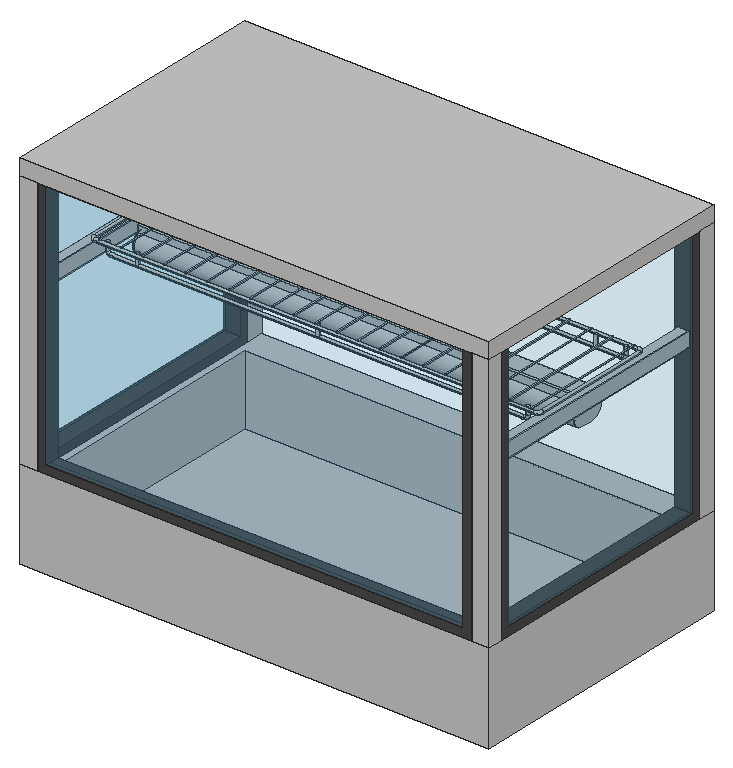
Revit family "QF_FESTIVE_DB11_cat", category Specialty Equipment, Revit 2020
Family settings
  Round Connector Dimension = Use Diameter
  Part Type = Normal
  Work Plane-Based = No
  Always vertical = Yes
  Cut with Voids When Loaded = No
  Shared = No
  Room Calculation Point = No
Parameters (values of type "DB11")
  Weight in Pounds = 0
  Watts = if(Phase = 3, Volts * FL Amps * 1.73, Volts * FL Amps)  # 2882 W
  Volts = 220 V
  URL Cutsheet = ""
  Specification by User = ""
  Specification by Manufacturer = ""
  Serial Number = ""
  Seismic Rating = ""
  SMACNA No = ""
  Revision Code = ""
  Phase = 1
  Number of Poles = 1
  No. of Rail [instance] = Length / 50.8 mm  # 21
  NAFEM Spec ID Number = ""
  Model = "DB11"
  Min Ckt Ampacity = 0 A
  Max Overcurrent Protection = 0 A
  Masterspec = ""
  Manufacturer = "FESTIVE"
  Length = 1070 mm
  Item Number = ""
  Installed By = ""
  Identify Quantity as Lot = yes
  Height = 830 mm
  HP = ""
  Furnished By = ""
  Foodservice Equipment Identifier = yes
  FL Amps = 13.1 A
  Electrical Remarks = ""
  Electric Connection Type = ""
  Elec Conn RI Height = 0 mm
  Elec Conn Connection Height = 0 mm
  Description = "DEVON: BAIN MARIE"
  Depth = 640 mm
  Default Elevation = 0 mm
  Cycle = 50 Hz
  Conn Plug = ""
  Conn Conduit = yes
  CSI MasterFormat = ""
  Apparent Power = if(Phase = 3, Volts * FL Amps * 1.73, Volts * FL Amps)  # 2882 VA
Reference planes
  plane 1 "BACK": y = 0
  plane 2: z = 0
  plane 3 "LEFT": x = 0
  plane 4 "RIGHT": x = 1070
  plane 5 "FRONT": y = -640
  plane 6 "TOP": z = 830
  plane 7 "Center Y": x = 535
  plane 8 "Center X": y = -320
  plane 9: z = 205
  plane 10: x = 1459.9
  plane 11: x = 40.989
  plane 12: x = 1029.011
Forms (mm)
  Extrusion 1, solid, material "QF_Metal - Stainless - Satin"
    sketch origin (0, 0, 0) x (0, 1, 0) y (0, 0, 1)
      loop
        line (0, 793) -> (0, 830) -> (-640, 830) -> (-640, 793) -> (0, 793)
    from 0 to 1070
  Extrusion 2, solid, material "QF_Metal - Stainless - Satin"
    sketch origin (0, 0, 0) x (0, 1, 0) y (0, 0, 1)
      loop
        line (0, 793) -> (-40.1, 793) -> (-40.1, 205) -> (0, 205) -> (0, 793)
    from 0 to 40.1
  Extrusion 3, solid, material "QF_Metal - Stainless - Satin"
    sketch origin (0, 0, 0) x (0, 1, 0) y (0, 0, 1)
      loop
        line (-608, 793) -> (-640, 793) -> (-640, 205) -> (-608, 205) -> (-608, 793)
    from 0 to 40.1
  Extrusion 4, solid, material "QF_Metal - Stainless - Satin"
    sketch origin (1070, 0, 0) x (0, -1, 0) y (0, 0, 1)
      loop
        line (0, 793) -> (0, 205) -> (40.1, 205) -> (40.1, 793) -> (0, 793)
    from 0 to 40.1
  Extrusion 5, solid, material "QF_Plastic - Black - Smooth"
    sketch origin (0, -640, 205) x (0, 0, -1) y (1, 0, 0)
      loop
        line (-588, 40.1) -> (0, 40.1) -> (0, 1029.9) -> (-588, 1029.9) -> (-588, 1009.9) -> (-20, 1009.9) -> (-20, 60.1) -> (-588, 60.1) -> (-588, 40.1)
    from 0 to -32
  Extrusion 6, solid, material "Glass"
    sketch origin (0, -640, 205) x (0, 0, -1) y (1, 0, 0)
      loop
        line (-588, 60.1) -> (-20, 60.1) -> (-20, 1009.9) -> (-588, 1009.9) -> (-588, 60.1)
    from 0 to -10
  Extrusion 7, solid, material "QF_Plastic - Black - Smooth"
    sketch origin (0, 0, 0) x (0, -1, 0) y (0, 0, 1)
      loop
        line (40.1, 793) -> (40.1, 205) -> (608, 205) -> (608, 793) -> (588, 793) -> (588, 225) -> (60.1, 225) -> (60.1, 793) -> (40.1, 793)
    from 0 to -40.1
  Extrusion 8, solid, material "Glass"
    sketch origin (0, 0, 0) x (0, 1, 0) y (0, 0, -1)
      loop
        line (-588, -793) -> (-60.1, -793) -> (-60.1, -225) -> (-588, -225) -> (-588, -793)
    from 0 to -5.1
  Sweep 9, solid, material "QF_Metal - Stainless - Satin"
    path origin (0, 0, 598.437) x (1, 0, 0) y (0, 1, 0)
      loop
        arc (33.118, -173.147) -> (27.808, -175.347) -> (25.609, -180.657) r 7.509
        line (25.609, -180.657) -> (25.609, -458.823)
        arc (25.609, -458.823) -> (27.805, -464.127) -> (33.109, -466.323) r 7.5
        line (33.109, -466.323) -> (1036.437, -466.323)
        arc (1036.437, -466.323) -> (1041.741, -464.127) -> (1043.937, -458.823) r 7.5
        line (1043.937, -458.823) -> (1043.937, -180.647)
        arc (1043.937, -180.647) -> (1041.741, -175.344) -> (1036.437, -173.147) r 7.5
        line (1036.437, -173.147) -> (33.118, -173.147)
    profile origin (534.778, -173.147, 598.437) x (0, 1, 0) y (0, 0, 1)
      loop
        circle (0.813, 0) r 3.5
  Sweep 10, solid, material "QF_Metal - Stainless - Satin"
    path origin (0, -459.587, 0) x (1, 0, 0) y (0, 0, 1)
      loop
        line (56, 600.75) -> (56, 583.379)
        arc (56, 583.379) -> (58.255, 577.934) -> (63.7, 575.679) r 7.7
        line (63.7, 575.679) -> (1006.29, 575.679)
        arc (1006.29, 575.679) -> (1011.742, 577.937) -> (1014, 583.389) r 7.71
        line (1014, 583.389) -> (1014, 600.75)
    profile origin (56, -459.587, 592.064) x (0, -1, 0) y (1, 0, 0)
      loop
        circle (0, 0) r 3.5
  Extrusion 11, solid, material "QF_Metal - Stainless - Satin"
    sketch origin (-90, 0, 0) x (1, 0, 0) y (0, 1, 0)
      loop
        circle (214.245, -459.502) r 3.409
    from 576.5 to 600.75
  Extrusion 12, solid, material "QF_Metal - Stainless - Satin"
    sketch origin (483.255, 0, 0) x (1, 0, 0) y (0, 1, 0)
      loop
        circle (51.745, -459.502) r 3.409
    from 576.5 to 600.75
  Extrusion 13, solid, material "QF_Metal - Stainless - Satin"
    sketch origin (0, 0, 0) x (1, 0, 0) y (0, 0, 1)
      loop
        circle (42.498, 603.487) r 1.509
    from 173.5 to 466.5
  Sweep 14, solid, material "QF_Metal - Stainless - Satin"
    path origin (0, -180.413, 0) x (1, 0, 0) y (0, 0, -1)
      loop
        line (56, -600.75) -> (56, -583.379)
        arc (56, -583.379) -> (58.255, -577.934) -> (63.7, -575.679) r 7.7
        line (63.7, -575.679) -> (1006.29, -575.679)
        arc (1006.29, -575.679) -> (1011.742, -577.937) -> (1014, -583.389) r 7.71
        line (1014, -583.389) -> (1014, -600.75)
    profile origin (56, -180.413, 592.064) x (0, 1, 0) y (-1, 0, 0)
      loop
        circle (0, 0) r 3.5
  Extrusion 15, solid, material "QF_Metal - Stainless - Satin"
    sketch origin (-90, -640, 0) x (1, 0, 0) y (0, 1, 0)
      loop
        circle (214.245, 459.502) r 3.409
    from 576.5 to 600.75
  Extrusion 16, solid, material "QF_Metal - Stainless - Satin"
    sketch origin (483.255, -640, 0) x (1, 0, 0) y (0, 1, 0)
      loop
        circle (51.745, 459.502) r 3.409
    from 576.5 to 600.75
  Extrusion 17, solid, material "QF_Metal - Stainless - Satin"
    sketch origin (0, -650.445, 0) x (1, 0, 0) y (0, -1, 0)
      loop
        line (1070, -10.445) -> (0, -10.445) -> (0, -650.445) -> (1070, -650.445) -> (1070, -10.445)
      loop
        line (57, -65.445) -> (57, -580.445) -> (1015, -580.445) -> (1015, -65.445) -> (57, -65.445)
    from 0 to -205
  Extrusion 18, solid, material "QF_Metal - Stainless - Satin"
    sketch origin (0, -650.445, 0) x (0, 1, 0) y (1, 0, 0)
      loop
        line (65.445, 57) -> (580.445, 57) -> (580.445, 1015) -> (65.445, 1015) -> (65.445, 57)
    from 0 to -47
  Extrusion 19, solid, material "QF_Metal - Stainless - Satin"
    sketch origin (347, 0, -216.078) x (0, 1, 0) y (0, 0, 1)
      loop
        line (-345, 792.076) -> (-345, 776.085)
        arc (-345, 776.085) -> (-357.596, 753.232) -> (-345, 730.378) r 27.029
        arc (-345, 730.378) -> (-320, 727.581) -> (-295, 730.378) r 113.108
        arc (-295, 730.378) -> (-282.404, 753.232) -> (-295, 776.085) r 27.029
        line (-295, 776.085) -> (-295, 792.076)
        arc (-295, 792.076) -> (-295.856, 794.144) -> (-297.924, 795) r 2.924
        line (-297.924, 795) -> (-342.076, 795)
        arc (-342.076, 795) -> (-344.144, 794.144) -> (-345, 792.076) r 2.924
    from -313 to 689
  Extrusion 20, solid, material "QF_Metal - Stainless - Satin"
    sketch origin (-28, 0, -216.078) x (0, 1, 0) y (0, 0, 1)
      loop
        arc (-295, 792.076) -> (-295.856, 794.144) -> (-297.924, 795) r 2.924
        line (-297.924, 795) -> (-342.076, 795)
        arc (-342.076, 795) -> (-344.144, 794.144) -> (-345, 792.076) r 2.924
        line (-345, 792.076) -> (-345, 776.085)
        arc (-345, 776.085) -> (-357.596, 753.232) -> (-345, 730.378) r 27.029
        arc (-345, 730.378) -> (-320, 727.581) -> (-295, 730.378) r 113.108
        arc (-295, 730.378) -> (-282.404, 753.232) -> (-295, 776.085) r 27.029
        line (-295, 776.085) -> (-295, 792.076)
      loop
        arc (-298.5, 786) -> (-298.793, 786.707) -> (-299.5, 787) r 1
        line (-299.5, 787) -> (-301.5, 787)
        arc (-301.5, 787) -> (-302.207, 786.707) -> (-302.5, 786) r 1
        line (-302.5, 786) -> (-302.5, 774)
        arc (-302.5, 774) -> (-302.207, 773.293) -> (-301.5, 773) r 1
        line (-301.5, 773) -> (-299.5, 773)
        arc (-299.5, 773) -> (-298.793, 773.293) -> (-298.5, 774) r 1
        line (-298.5, 774) -> (-298.5, 786)
      loop
        arc (-305, 786) -> (-305.293, 786.707) -> (-306, 787) r 1
        line (-306, 787) -> (-308, 787)
        arc (-308, 787) -> (-308.707, 786.707) -> (-309, 786) r 1
        line (-309, 786) -> (-309, 774)
        arc (-309, 774) -> (-308.707, 773.293) -> (-308, 773) r 1
        line (-308, 773) -> (-306, 773)
        arc (-306, 773) -> (-305.293, 773.293) -> (-305, 774) r 1
        line (-305, 774) -> (-305, 786)
      loop
        arc (-311.5, 786) -> (-311.793, 786.707) -> (-312.5, 787) r 1
        line (-312.5, 787) -> (-314.5, 787)
        arc (-314.5, 787) -> (-315.207, 786.707) -> (-315.5, 786) r 1
        line (-315.5, 786) -> (-315.5, 774)
        arc (-315.5, 774) -> (-315.207, 773.293) -> (-314.5, 773) r 1
        line (-314.5, 773) -> (-312.5, 773)
        arc (-312.5, 773) -> (-311.793, 773.293) -> (-311.5, 774) r 1
        line (-311.5, 774) -> (-311.5, 786)
      loop
        arc (-318, 786) -> (-318.293, 786.707) -> (-319, 787) r 1
        line (-319, 787) -> (-321, 787)
        arc (-321, 787) -> (-321.707, 786.707) -> (-322, 786) r 1
        line (-322, 786) -> (-322, 774)
        arc (-322, 774) -> (-321.707, 773.293) -> (-321, 773) r 1
        line (-321, 773) -> (-319, 773)
        arc (-319, 773) -> (-318.293, 773.293) -> (-318, 774) r 1
        line (-318, 774) -> (-318, 786)
      loop
        arc (-324.5, 786) -> (-324.793, 786.707) -> (-325.5, 787) r 1
        line (-325.5, 787) -> (-327.5, 787)
        arc (-327.5, 787) -> (-328.207, 786.707) -> (-328.5, 786) r 1
        line (-328.5, 786) -> (-328.5, 774)
        arc (-328.5, 774) -> (-328.207, 773.293) -> (-327.5, 773) r 1
        line (-327.5, 773) -> (-325.5, 773)
        arc (-325.5, 773) -> (-324.793, 773.293) -> (-324.5, 774) r 1
        line (-324.5, 774) -> (-324.5, 786)
      loop
        arc (-331, 786) -> (-331.293, 786.707) -> (-332, 787) r 1
        line (-332, 787) -> (-334, 787)
        arc (-334, 787) -> (-334.707, 786.707) -> (-335, 786) r 1
        line (-335, 786) -> (-335, 774)
        arc (-335, 774) -> (-334.707, 773.293) -> (-334, 773) r 1
        line (-334, 773) -> (-332, 773)
        arc (-332, 773) -> (-331.293, 773.293) -> (-331, 774) r 1
        line (-331, 774) -> (-331, 786)
      loop
        arc (-337.5, 786) -> (-337.793, 786.707) -> (-338.5, 787) r 1
        line (-338.5, 787) -> (-340.5, 787)
        arc (-340.5, 787) -> (-341.207, 786.707) -> (-341.5, 786) r 1
        line (-341.5, 786) -> (-341.5, 774)
        arc (-341.5, 774) -> (-341.207, 773.293) -> (-340.5, 773) r 1
        line (-340.5, 773) -> (-338.5, 773)
        arc (-338.5, 773) -> (-337.793, 773.293) -> (-337.5, 774) r 1
        line (-337.5, 774) -> (-337.5, 786)
    from 60.1 to 62
  Extrusion 21, solid, material "QF_Metal - Stainless - Satin", not visible
    sketch origin (0, 0, 201.118) x (0, 0, 1) y (1, 0, 0)
      loop
        line (-111.118, 1185.678) -> (-211.118, 1185.678) -> (-211.118, 855.678) -> (-111.118, 855.678) -> (-111.118, 1185.678)
    from 0 to 1.5
  Extrusion 22, solid, material "QF_Plastic - Black - Smooth", not visible
    sketch origin (37.803, 1.5, 184.282) x (0, 0, 1) y (1, 0, 0)
      loop
        line (-127.243, 1007.875) -> (-159.243, 1007.875) -> (-159.243, 993.875) -> (-127.243, 993.875) -> (-127.243, 1007.875)
      loop
        line (-155.243, 1004.875) -> (-155.243, 996.875) -> (-131.243, 996.875) -> (-131.243, 1004.875) -> (-155.243, 1004.875)
      loop
        circle (-144.275, 967.799) r 8.453
    from 0 to 1.5
  Extrusion 23, solid, material "QF_Plastic - Red - Smooth", not visible
    sketch origin (951.803, 1.5, 44.163) x (0, 0, -1) y (0, 1, 0)
      loop
        line (-10.247, 1.5) -> (15.125, 1.5) -> (15.125, 5.552)
        arc (15.125, 5.552) -> (2.51, 3.618) -> (-10.247, 3.224) r 105.368
        line (-10.247, 3.224) -> (-10.247, 1.5)
    from 82.875 to 90.875
  Revolve 24, solid, material "QF_Metal - Stainless - Satin", not visible
    sketch origin (955.614, 0, -14.69) x (0, 1, 0) y (0, 0, 1)
      loop
        line (9.399, 54.68) -> (9.399, 69.967) -> (3.413, 80.768) -> (1.5, 80.768) -> (1.5, 54.68) -> (9.399, 54.68)
      axis (1.5, 54.68) -> (9.399, 54.68)
    angle from 0 to 360
  Extrusion 25, solid, material "QF_Metal - Stainless - Satin", not visible
    sketch origin (955.614, 9.399, 39.989) x (-1, 0, 0) y (0, 0, 1)
      loop
        arc (0, 15.288) -> (-2.018, 15.154) -> (-4, 14.755) r 15.288
        line (-4, 14.755) -> (-4, -14.755)
        arc (-4, -14.755) -> (-2.018, -15.154) -> (0, -15.288) r 15.288
        arc (0, -15.288) -> (2.018, -15.154) -> (4, -14.755) r 15.288
        line (4, -14.755) -> (4, 14.755)
        arc (4, 14.755) -> (2.018, 15.154) -> (0, 15.288) r 15.288
    from 0 to 14.801
  Extrusion 26, solid, material "QF_Plastic - Red - Smooth", not visible
    sketch origin (37.803, 3, 184.282) x (0, 0, 1) y (1, 0, 0)
      loop
        circle (-144.275, 967.799) r 6.5
    from 0 to 4.052
  Extrusion 27, solid, material "QF_Metal - Stainless - Satin"
    sketch origin (0, -60.1, 753) x (0, 0, 1) y (-1, 0, 0)
      loop
        arc (-157.938, -9.475) -> (-158.37, -8.432) -> (-159.413, -8) r 1.475
        line (-159.413, -8) -> (-192.5, -8)
        arc (-192.5, -8) -> (-193.561, -8.439) -> (-194, -9.5) r 1.5
        line (-194, -9.5) -> (-194, -30.6)
        arc (-194, -30.6) -> (-193.561, -31.661) -> (-192.5, -32.1) r 1.5
        line (-192.5, -32.1) -> (-159.438, -32.1)
        arc (-159.438, -32.1) -> (-158.377, -31.661) -> (-157.938, -30.6) r 1.5
        line (-157.938, -30.6) -> (-157.938, -9.475)
      loop
        line (-157.938, -1060.525) -> (-157.938, -1039.4)
        arc (-157.938, -1039.4) -> (-158.377, -1038.339) -> (-159.438, -1037.9) r 1.5
        line (-159.438, -1037.9) -> (-192.5, -1037.9)
        arc (-192.5, -1037.9) -> (-193.561, -1038.339) -> (-194, -1039.4) r 1.5
        line (-194, -1039.4) -> (-194, -1060.5)
        arc (-194, -1060.5) -> (-193.561, -1061.561) -> (-192.5, -1062) r 1.5
        line (-192.5, -1062) -> (-159.413, -1062)
        arc (-159.413, -1062) -> (-158.37, -1061.568) -> (-157.938, -1060.525) r 1.475
    from 0 to 527.9
  Extrusion 28, solid, material "QF_Plastic - Black - Smooth"
    sketch origin (1070, 0, 0) x (0, -1, 0) y (0, 0, 1)
      loop
        line (40.1, 793) -> (40.1, 205) -> (608, 205) -> (608, 793) -> (588, 793) -> (588, 225) -> (60.1, 225) -> (60.1, 793) -> (40.1, 793)
    from 40 to 0
  Extrusion 29, solid, material "Glass"
    sketch origin (1070, 0, 0) x (0, -1, 0) y (0, 0, 1)
      loop
        line (588, 793) -> (60.1, 793) -> (60.1, 225) -> (588, 225) -> (588, 793)
    from 5 to 0
  Extrusion 30, solid, material "QF_Metal - Stainless - Satin"
    sketch origin (-485.678, 0, 216.118) x (0, 0, 1) y (1, 0, 0)
      loop
        line (-111.118, 1185.678) -> (-211.118, 1185.678) -> (-211.118, 855.678) -> (-111.118, 855.678) -> (-111.118, 1185.678)
    from 0 to 1.5
  Extrusion 31, solid, material "QF_Plastic - Black - Smooth"
    sketch origin (-447.875, 1.5, 199.282) x (0, 0, 1) y (1, 0, 0)
      loop
        line (-127.243, 1007.875) -> (-159.243, 1007.875) -> (-159.243, 993.875) -> (-127.243, 993.875) -> (-127.243, 1007.875)
      loop
        line (-155.243, 1004.875) -> (-155.243, 996.875) -> (-131.243, 996.875) -> (-131.243, 1004.875) -> (-155.243, 1004.875)
      loop
        circle (-144.275, 967.799) r 8.453
    from 0 to 1.5
  Extrusion 32, solid, material "QF_Plastic - Red - Smooth"
    sketch origin (466.125, 1.5, 59.163) x (0, 0, -1) y (0, 1, 0)
      loop
        line (-10.247, 1.5) -> (15.125, 1.5) -> (15.125, 5.552)
        arc (15.125, 5.552) -> (2.51, 3.618) -> (-10.247, 3.224) r 105.368
        line (-10.247, 3.224) -> (-10.247, 1.5)
    from 82.875 to 90.875
  Revolve 33, solid, material "QF_Metal - Stainless - Satin"
    sketch origin (469.936, 0, 0.31) x (0, 1, 0) y (0, 0, 1)
      loop
        line (9.399, 54.68) -> (9.399, 69.967) -> (3.413, 80.768) -> (1.5, 80.768) -> (1.5, 54.68) -> (9.399, 54.68)
      axis (1.5, 54.68) -> (9.399, 54.68)
    angle from 0 to 360
  Extrusion 34, solid, material "QF_Metal - Stainless - Satin"
    sketch origin (469.936, 9.399, 54.989) x (-1, 0, 0) y (0, 0, 1)
      loop
        arc (0, 15.288) -> (-2.018, 15.154) -> (-4, 14.755) r 15.288
        line (-4, 14.755) -> (-4, -14.755)
        arc (-4, -14.755) -> (-2.018, -15.154) -> (0, -15.288) r 15.288
        arc (0, -15.288) -> (2.018, -15.154) -> (4, -14.755) r 15.288
        line (4, -14.755) -> (4, 14.755)
        arc (4, 14.755) -> (2.018, 15.154) -> (0, 15.288) r 15.288
    from 0 to 14.801
  Extrusion 35, solid, material "QF_Plastic - Red - Smooth"
    sketch origin (-447.875, 3, 199.282) x (0, 0, 1) y (1, 0, 0)
      loop
        circle (-144.275, 967.799) r 6.5
    from 0 to 4.052
  Extrusion 36, solid, material "QF_Metal - Stainless - Satin"
    sketch origin (1160, 0, 0) x (-1, 0, 0) y (0, -1, 0)
      loop
        circle (214.245, 459.502) r 3.409
    from 576.5 to 600.75
  Extrusion 37, solid, material "QF_Metal - Stainless - Satin"
    sketch origin (1160, -640, 0) x (-1, 0, 0) y (0, -1, 0)
      loop
        circle (214.245, -459.502) r 3.409
    from 576.5 to 600.75
  Extrusion 38, solid, material "QF_Metal - Stainless - Satin"
    sketch origin (773, 0, -216.078) x (0, 1, 0) y (0, 0, -1)
      loop
        line (-295, -792.076) -> (-295, -776.085)
        arc (-295, -776.085) -> (-282.404, -753.232) -> (-295, -730.378) r 27.029
        arc (-295, -730.378) -> (-320, -727.581) -> (-345, -730.378) r 113.108
        arc (-345, -730.378) -> (-357.596, -753.232) -> (-345, -776.085) r 27.029
        line (-345, -776.085) -> (-345, -792.076)
        arc (-345, -792.076) -> (-344.144, -794.144) -> (-342.076, -795) r 2.924
        line (-342.076, -795) -> (-297.924, -795)
        arc (-297.924, -795) -> (-295.856, -794.144) -> (-295, -792.076) r 2.924
      loop
        line (-298.5, -786) -> (-298.5, -774)
        arc (-298.5, -774) -> (-298.793, -773.293) -> (-299.5, -773) r 1
        line (-299.5, -773) -> (-301.5, -773)
        arc (-301.5, -773) -> (-302.207, -773.293) -> (-302.5, -774) r 1
        line (-302.5, -774) -> (-302.5, -786)
        arc (-302.5, -786) -> (-302.207, -786.707) -> (-301.5, -787) r 1
        line (-301.5, -787) -> (-299.5, -787)
        arc (-299.5, -787) -> (-298.793, -786.707) -> (-298.5, -786) r 1
      loop
        line (-305, -786) -> (-305, -774)
        arc (-305, -774) -> (-305.293, -773.293) -> (-306, -773) r 1
        line (-306, -773) -> (-308, -773)
        arc (-308, -773) -> (-308.707, -773.293) -> (-309, -774) r 1
        line (-309, -774) -> (-309, -786)
        arc (-309, -786) -> (-308.707, -786.707) -> (-308, -787) r 1
        line (-308, -787) -> (-306, -787)
        arc (-306, -787) -> (-305.293, -786.707) -> (-305, -786) r 1
      loop
        line (-311.5, -786) -> (-311.5, -774)
        arc (-311.5, -774) -> (-311.793, -773.293) -> (-312.5, -773) r 1
        line (-312.5, -773) -> (-314.5, -773)
        arc (-314.5, -773) -> (-315.207, -773.293) -> (-315.5, -774) r 1
        line (-315.5, -774) -> (-315.5, -786)
        arc (-315.5, -786) -> (-315.207, -786.707) -> (-314.5, -787) r 1
        line (-314.5, -787) -> (-312.5, -787)
        arc (-312.5, -787) -> (-311.793, -786.707) -> (-311.5, -786) r 1
      loop
        line (-318, -786) -> (-318, -774)
        arc (-318, -774) -> (-318.293, -773.293) -> (-319, -773) r 1
        line (-319, -773) -> (-321, -773)
        arc (-321, -773) -> (-321.707, -773.293) -> (-322, -774) r 1
        line (-322, -774) -> (-322, -786)
        arc (-322, -786) -> (-321.707, -786.707) -> (-321, -787) r 1
        line (-321, -787) -> (-319, -787)
        arc (-319, -787) -> (-318.293, -786.707) -> (-318, -786) r 1
      loop
        line (-324.5, -786) -> (-324.5, -774)
        arc (-324.5, -774) -> (-324.793, -773.293) -> (-325.5, -773) r 1
        line (-325.5, -773) -> (-327.5, -773)
        arc (-327.5, -773) -> (-328.207, -773.293) -> (-328.5, -774) r 1
        line (-328.5, -774) -> (-328.5, -786)
        arc (-328.5, -786) -> (-328.207, -786.707) -> (-327.5, -787) r 1
        line (-327.5, -787) -> (-325.5, -787)
        arc (-325.5, -787) -> (-324.793, -786.707) -> (-324.5, -786) r 1
      loop
        line (-331, -786) -> (-331, -774)
        arc (-331, -774) -> (-331.293, -773.293) -> (-332, -773) r 1
        line (-332, -773) -> (-334, -773)
        arc (-334, -773) -> (-334.707, -773.293) -> (-335, -774) r 1
        line (-335, -774) -> (-335, -786)
        arc (-335, -786) -> (-334.707, -786.707) -> (-334, -787) r 1
        line (-334, -787) -> (-332, -787)
        arc (-332, -787) -> (-331.293, -786.707) -> (-331, -786) r 1
      loop
        line (-337.5, -786) -> (-337.5, -774)
        arc (-337.5, -774) -> (-337.793, -773.293) -> (-338.5, -773) r 1
        line (-338.5, -773) -> (-340.5, -773)
        arc (-340.5, -773) -> (-341.207, -773.293) -> (-341.5, -774) r 1
        line (-341.5, -774) -> (-341.5, -786)
        arc (-341.5, -786) -> (-341.207, -786.707) -> (-340.5, -787) r 1
        line (-340.5, -787) -> (-338.5, -787)
        arc (-338.5, -787) -> (-337.793, -786.707) -> (-337.5, -786) r 1
    from -264.9 to -263
  Extrusion 39, solid, material "QF_Metal - Stainless - Satin"
    sketch origin (0, 0, 0) x (1, 0, 0) y (0, 0, -1)
      loop
        circle (56, -30) r 6.35
    from 0 to 3.2
  Extrusion 40, solid, material "QF_Metal - Stainless - Satin"
    sketch origin (1070, 0, 0) x (0, -1, 0) y (0, 0, 1)
      loop
        line (608, 793) -> (608, 205) -> (640, 205) -> (640, 793) -> (608, 793)
    from 0 to 40.1
  Extrusion 41, solid, material "QF_Metal - Stainless - Satin"
    sketch origin (985.003, 0, 0) x (1, 0, 0) y (0, 0, 1)
      loop
        circle (42.498, 603.487) r 1.509
    from 173.5 to 466.5
  Extrusion 42, solid, material "QF_Metal - Stainless - Satin"
    sketch origin (49.25, 0, 0) x (1, 0, 0) y (0, 0, 1)
      loop
        circle (42.498, 603.487) r 1.509
    from 173.5 to 466.5
  Extrusion 43, solid, material "QF_Metal - Stainless - Satin"
    sketch origin (98.5, 0, 0) x (1, 0, 0) y (0, 0, 1)
      loop
        circle (42.498, 603.487) r 1.509
    from 173.5 to 466.5
  Extrusion 44, solid, material "QF_Metal - Stainless - Satin"
    sketch origin (147.751, 0, 0) x (1, 0, 0) y (0, 0, 1)
      loop
        circle (42.498, 603.487) r 1.509
    from 173.5 to 466.5
  Extrusion 45, solid, material "QF_Metal - Stainless - Satin"
    sketch origin (197.001, 0, 0) x (1, 0, 0) y (0, 0, 1)
      loop
        circle (42.498, 603.487) r 1.509
    from 173.5 to 466.5
  Extrusion 46, solid, material "QF_Metal - Stainless - Satin"
    sketch origin (246.251, 0, 0) x (1, 0, 0) y (0, 0, 1)
      loop
        circle (42.498, 603.487) r 1.509
    from 173.5 to 466.5
  Extrusion 47, solid, material "QF_Metal - Stainless - Satin"
    sketch origin (295.501, 0, 0) x (1, 0, 0) y (0, 0, 1)
      loop
        circle (42.498, 603.487) r 1.509
    from 173.5 to 466.5
  Extrusion 48, solid, material "QF_Metal - Stainless - Satin"
    sketch origin (344.751, 0, 0) x (1, 0, 0) y (0, 0, 1)
      loop
        circle (42.498, 603.487) r 1.509
    from 173.5 to 466.5
  Extrusion 49, solid, material "QF_Metal - Stainless - Satin"
    sketch origin (394.001, 0, 0) x (1, 0, 0) y (0, 0, 1)
      loop
        circle (42.498, 603.487) r 1.509
    from 173.5 to 466.5
  Extrusion 50, solid, material "QF_Metal - Stainless - Satin"
    sketch origin (443.252, 0, 0) x (1, 0, 0) y (0, 0, 1)
      loop
        circle (42.498, 603.487) r 1.509
    from 173.5 to 466.5
  Extrusion 51, solid, material "QF_Metal - Stainless - Satin"
    sketch origin (492.502, 0, 0) x (1, 0, 0) y (0, 0, 1)
      loop
        circle (42.498, 603.487) r 1.509
    from 173.5 to 466.5
  Extrusion 52, solid, material "QF_Metal - Stainless - Satin"
    sketch origin (541.752, 0, 0) x (1, 0, 0) y (0, 0, 1)
      loop
        circle (42.498, 603.487) r 1.509
    from 173.5 to 466.5
  Extrusion 53, solid, material "QF_Metal - Stainless - Satin"
    sketch origin (591.002, 0, 0) x (1, 0, 0) y (0, 0, 1)
      loop
        circle (42.498, 603.487) r 1.509
    from 173.5 to 466.5
  Extrusion 54, solid, material "QF_Metal - Stainless - Satin"
    sketch origin (640.252, 0, 0) x (1, 0, 0) y (0, 0, 1)
      loop
        circle (42.498, 603.487) r 1.509
    from 173.5 to 466.5
  Extrusion 55, solid, material "QF_Metal - Stainless - Satin"
    sketch origin (689.502, 0, 0) x (1, 0, 0) y (0, 0, 1)
      loop
        circle (42.498, 603.487) r 1.509
    from 173.5 to 466.5
  Extrusion 56, solid, material "QF_Metal - Stainless - Satin"
    sketch origin (738.753, 0, 0) x (1, 0, 0) y (0, 0, 1)
      loop
        circle (42.498, 603.487) r 1.509
    from 173.5 to 466.5
  Extrusion 57, solid, material "QF_Metal - Stainless - Satin"
    sketch origin (788.003, 0, 0) x (1, 0, 0) y (0, 0, 1)
      loop
        circle (42.498, 603.487) r 1.509
    from 173.5 to 466.5
  Extrusion 58, solid, material "QF_Metal - Stainless - Satin"
    sketch origin (837.253, 0, 0) x (1, 0, 0) y (0, 0, 1)
      loop
        circle (42.498, 603.487) r 1.509
    from 173.5 to 466.5
  Extrusion 59, solid, material "QF_Metal - Stainless - Satin"
    sketch origin (886.503, 0, 0) x (1, 0, 0) y (0, 0, 1)
      loop
        circle (42.498, 603.487) r 1.509
    from 173.5 to 466.5
  Extrusion 60, solid, material "QF_Metal - Stainless - Satin"
    sketch origin (935.753, 0, 0) x (1, 0, 0) y (0, 0, 1)
      loop
        circle (42.498, 603.487) r 1.509
    from 173.5 to 466.5
Cuts and joins
  joined: Extrusion 17, Extrusion 18
Lines and regions (mm)
  symbolic lines
    curve 1: line (0, 0, 0) -> (1070, 0, 0)
    curve 2: line (0, -640, 0) -> (0, 0, 0)
    curve 3: line (1070, -640, 0) -> (0, -640, 0)
    curve 4: line (1070, 0, 0) -> (1070, -640, 0)
Dimensions and locks
  equal spacing: plane 3 "LEFT", plane 7 "Center Y", plane 4 "RIGHT"
  "Length": plane 3 "LEFT" to plane 4 "RIGHT"
  equal spacing: plane 5 "FRONT", plane 8 "Center X", plane 1 "BACK"
  "Depth": plane 5 "FRONT" to plane 1 "BACK"
  "Height": plane 6 "TOP" to level
  plane 9 to plane 2 = 205 mm  (x2)
  plane 6 "TOP" to plane 9 = 625 mm  (x2)
  plane 1 "BACK" to plane 5 "FRONT" = 640 mm
  Extrusion 39 sketch curve to plane 3 "LEFT" = 56 mm
  level to Extrusion 39 sketch curve = 30 mm
  Extrusion 27 sketch curve to Extrusion 27 sketch curve to plane 4 "RIGHT" = 24.1 mm locked, 8 mm locked
  Extrusion 38 to Extrusion 38 to plane 4 "RIGHT" = 1.9 mm locked, 32.1 mm locked
  Extrusion 5 sketch curve to Extrusion 5 sketch curve to plane 4 "RIGHT" = 20 mm locked, 40.1 mm locked
  locked: Extrusion 6 sketch curve to plane 4 "RIGHT" at 60.1
  equal spacing: group 3, group 5, group 6, group 7, group 8, group 9, group 10, group 11, group 12, group 13, group 14, group 15, group 16, group 17, group 18, group 19, group 20, group 21, group 22, group 23, group 4  (x3)
  locked: plane 12 to plane 4 "RIGHT" at 40.989
  locked: Extrusion 30 to plane 7 "Center Y" at 165
  aligned and locked: level to plane 2
  aligned and locked: Extrusion 19 to Extrusion 38
  aligned and locked: Extrusion 1 to plane 4 "RIGHT"
  aligned and locked: plane 12 to Extrusion 41
Automatic sketch dimensions
  Extrusion 23 sketch curve to Extrusion 23 sketch curve = 25.372 mm
  Extrusion 23 sketch curve to Extrusion 23 sketch curve = 1.724 mm
  Extrusion 23 sketch curve to Extrusion 23 sketch curve = 4.052 mm
  Revolve 24 sketch curve to Revolve 24 sketch curve = 1.913 mm
  Revolve 24 sketch curve to Revolve 24 sketch curve = 15.288 mm
  Revolve 24 sketch curve to Revolve 24 sketch curve = 10.8 mm
  Revolve 24 sketch curve to Revolve 24 sketch curve = 3.129 mm
  Revolve 24 sketch curve to Revolve 24 sketch curve = 16.871 mm
  Revolve 24 sketch curve to Revolve 24 sketch curve = 0 mm
  Extrusion 25 sketch curve to Extrusion 25 sketch curve = 0 mm  (x2)
  Revolve 24 to Extrusion 25 sketch curve = 4 mm
  Extrusion 25 sketch curve to Revolve 24 = 4 mm
  Extrusion 21 sketch curve to Extrusion 21 sketch curve = 100 mm
  Extrusion 23 sketch curve to Extrusion 23 sketch curve = 3.127 mm
  Revolve 24 sketch curve to Revolve 24 sketch curve = 5.987 mm
  Extrusion 32 sketch curve to Extrusion 32 sketch curve = 25.372 mm
  Extrusion 32 sketch curve to Extrusion 32 sketch curve = 1.724 mm
  Extrusion 32 sketch curve to Extrusion 32 sketch curve = 4.052 mm
  Revolve 33 sketch curve to Revolve 33 sketch curve = 1.913 mm
  Revolve 33 sketch curve to Revolve 33 sketch curve = 15.288 mm
  Revolve 33 sketch curve to Revolve 33 sketch curve = 10.8 mm
  Revolve 33 sketch curve to Revolve 33 sketch curve = 3.129 mm
  Revolve 33 sketch curve to Revolve 33 sketch curve = 16.871 mm
  Revolve 33 sketch curve to Revolve 33 sketch curve = 0 mm
  Extrusion 34 sketch curve to Extrusion 34 sketch curve = 0 mm  (x2)
  Revolve 33 to Extrusion 34 sketch curve = 4 mm
  Extrusion 34 sketch curve to Revolve 33 = 4 mm
  Extrusion 30 sketch curve to Extrusion 30 sketch curve = 100 mm
  Extrusion 32 sketch curve to Extrusion 32 sketch curve = 3.127 mm
  Revolve 33 sketch curve to Revolve 33 sketch curve = 5.987 mm
  Extrusion 30 sketch curve to Extrusion 30 sketch curve = 330 mm
  Extrusion 31 sketch curve to Extrusion 31 sketch curve = 4 mm  (x2)
  Extrusion 31 sketch curve to Extrusion 31 sketch curve = 14.968 mm
  Extrusion 31 sketch curve to Extrusion 31 sketch curve = 24 mm
  Extrusion 31 sketch curve to Extrusion 31 sketch curve = 26.076 mm
  Extrusion 31 sketch curve to Extrusion 31 sketch curve = 3 mm  (x2)
  Extrusion 31 sketch curve to Extrusion 31 sketch curve = 8 mm
  Extrusion 21 sketch curve to Extrusion 21 sketch curve = 330 mm
  Extrusion 22 sketch curve to Extrusion 22 sketch curve = 4 mm  (x2)
  Extrusion 22 sketch curve to Extrusion 22 sketch curve = 14.968 mm
  Extrusion 22 sketch curve to Extrusion 22 sketch curve = 24 mm
  Extrusion 22 sketch curve to Extrusion 22 sketch curve = 26.076 mm
  Extrusion 22 sketch curve to Extrusion 22 sketch curve = 3 mm  (x2)
  Extrusion 22 sketch curve to Extrusion 22 sketch curve = 8 mm
  curve 3 to plane 3 "LEFT" = 0 mm
  curve 3 to plane 4 "RIGHT" = 0 mm
  plane 5 "FRONT" to curve 3 = 0 mm
  plane 1 "BACK" to curve 2 = 0 mm
  Extrusion 1 sketch curve to plane 5 "FRONT" = 0 mm
  Extrusion 1 sketch curve to plane 1 "BACK" = 0 mm
  Extrusion 1 sketch curve to plane 6 "TOP" = 0 mm
  Extrusion 1 sketch curve to plane 6 "TOP" = 37 mm
  Extrusion 2 sketch curve to plane 9 = 0 mm
  Extrusion 2 sketch curve to plane 1 "BACK" = 0 mm
  Extrusion 2 sketch curve to Extrusion 2 sketch curve = 40.1 mm
  Extrusion 2 sketch curve to plane 6 "TOP" = 37 mm
  Extrusion 3 sketch curve to plane 5 "FRONT" = 0 mm
  Extrusion 3 sketch curve to plane 9 = 0 mm
  Extrusion 3 sketch curve to plane 5 "FRONT" = 32 mm
  Extrusion 3 sketch curve to plane 6 "TOP" = 37 mm
  Extrusion 4 sketch curve to plane 1 "BACK" = 0 mm
  Extrusion 4 sketch curve to plane 9 = 0 mm
  Extrusion 4 sketch curve to Extrusion 4 sketch curve = 40.1 mm
  Extrusion 4 sketch curve to plane 6 "TOP" = 37 mm
  Extrusion 2 to Extrusion 7 sketch curve = 0 mm  (x3)
  Extrusion 7 sketch curve to Extrusion 2 = 0 mm
  Extrusion 2 to Extrusion 7 sketch curve = 20 mm
  Extrusion 7 sketch curve to Extrusion 2 = 20 mm
  Extrusion 7 sketch curve to Extrusion 7 sketch curve = 527.9 mm
  Extrusion 7 sketch curve to Extrusion 7 sketch curve = 20 mm
  plane 9 to Extrusion 8 sketch curve = 20 mm
  Extrusion 8 sketch curve to plane 5 "FRONT" = 52 mm
  plane 1 "BACK" to Extrusion 8 sketch curve = 60.1 mm
  Extrusion 8 sketch curve to plane 6 "TOP" = 37 mm
  plane 3 "LEFT" to Sweep 9 sketch curve = 25.609 mm
  Sweep 9 sketch curve to Sweep 9 sketch curve = 7.5 mm  (x2)
  Sweep 9 sketch curve to Sweep 9 sketch curve = 7.509 mm
  plane 4 "RIGHT" to Sweep 9 sketch curve = 33.563 mm  (x2)
  Sweep 9 sketch curve to plane 8 "Center X" = 146.323 mm
  plane 8 "Center X" to Sweep 9 sketch curve = 139.343 mm
  Sweep 9 sketch curve to profile plane = 0 mm
  Sweep 9 sketch curve to profile plane = 0.813 mm
  plane 3 "LEFT" to Sweep 10 sketch curve = 56 mm
  Sweep 10 sketch curve to Sweep 10 sketch curve = 7.7 mm
  plane 4 "RIGHT" to Sweep 10 sketch curve = 63.71 mm
  Sweep 10 sketch curve to Sweep 10 sketch curve = 7.71 mm
  Sweep 10 sketch curve to plane 6 "TOP" = 254.321 mm
  Sweep 10 sketch curve to Sweep 10 sketch curve = 17.371 mm
  Sweep 10 sketch curve to Sweep 10 sketch curve = 17.361 mm
  Sweep 10 sketch curve to profile plane = 0 mm
  profile plane to Sweep 10 sketch curve = 0 mm
  plane 3 "LEFT" to Extrusion 11 sketch curve = 124.245 mm
  Extrusion 11 sketch curve to plane 8 "Center X" = 139.502 mm
  Extrusion 12 sketch curve to plane 7 "Center Y" = 0 mm
  Extrusion 12 sketch curve to plane 8 "Center X" = 139.502 mm
  plane 3 "LEFT" to Sweep 14 sketch curve = 56 mm
  Sweep 14 sketch curve to Sweep 14 sketch curve = 7.7 mm
  plane 4 "RIGHT" to Sweep 14 sketch curve = 63.71 mm
  Sweep 14 sketch curve to Sweep 14 sketch curve = 7.71 mm
  Sweep 14 sketch curve to plane 6 "TOP" = 246.611 mm
  Sweep 14 sketch curve to Sweep 14 sketch curve = 17.371 mm
  Sweep 14 sketch curve to Sweep 14 sketch curve = 17.361 mm
  Sweep 14 sketch curve to profile plane = 0 mm  (x2)
  Extrusion 15 sketch curve to plane 3 "LEFT" = 124.245 mm
  Extrusion 15 sketch curve to plane 8 "Center X" = 139.502 mm
  Extrusion 16 sketch curve to plane 7 "Center Y" = 0 mm
  Extrusion 16 sketch curve to plane 8 "Center X" = 139.502 mm
  Extrusion 17 sketch curve to plane 3 "LEFT" = 0 mm
  plane 1 "BACK" to Extrusion 17 sketch curve = 0 mm
  Extrusion 17 sketch curve to plane 4 "RIGHT" = 0 mm
  plane 5 "FRONT" to Extrusion 17 sketch curve = 0 mm
  plane 3 "LEFT" to Extrusion 17 sketch curve = 57 mm
  plane 4 "RIGHT" to Extrusion 17 sketch curve = 55 mm
  Extrusion 17 sketch curve to plane 5 "FRONT" = 55 mm
  plane 1 "BACK" to Extrusion 17 sketch curve = 70 mm
  Extrusion 17 to Extrusion 18 sketch curve = 0 mm
  Extrusion 18 sketch curve to Extrusion 17 = 0 mm  (x3)
  Extrusion 19 sketch curve to plane 8 "Center X" = 0 mm
  Extrusion 19 sketch curve to plane 8 "Center X" = 10.567 mm
  Extrusion 19 sketch curve to plane 8 "Center X" = 22.076 mm
  Extrusion 19 sketch curve to Extrusion 19 sketch curve = 2.924 mm  (x2)
  plane 8 "Center X" to Extrusion 19 sketch curve = 10.567 mm
  plane 8 "Center X" to Extrusion 19 sketch curve = 22.076 mm
  Extrusion 19 sketch curve to plane 6 "TOP" = 292.846 mm
  Extrusion 19 sketch curve to Extrusion 19 sketch curve = 0 mm
  Extrusion 19 sketch curve to Extrusion 19 sketch curve = 22.853 mm  (x2)
  Extrusion 19 sketch curve to Extrusion 19 sketch curve = 15.991 mm
  Extrusion 19 sketch curve to Extrusion 19 sketch curve = 45.689 mm
  Extrusion 19 sketch curve to plane 8 "Center X" = 25 mm
  Extrusion 20 sketch curve to plane 8 "Center X" = 0 mm
  Extrusion 20 sketch curve to plane 8 "Center X" = 1 mm  (x2)
  Extrusion 20 sketch curve to Extrusion 20 sketch curve = 1 mm  (x26)
  Extrusion 20 sketch curve to Extrusion 20 sketch curve = 2.5 mm  (x6)
  Extrusion 20 sketch curve to Extrusion 20 sketch curve = 2 mm  (x12)
  Extrusion 20 sketch curve to plane 8 "Center X" = 10.567 mm
  Extrusion 20 sketch curve to Extrusion 20 sketch curve = 1.576 mm  (x2)
  Extrusion 20 sketch curve to Extrusion 20 sketch curve = 2.924 mm
  plane 8 "Center X" to Extrusion 20 sketch curve = 1 mm  (x2)
  plane 8 "Center X" to Extrusion 20 sketch curve = 10.567 mm
  Extrusion 20 sketch curve to Extrusion 20 sketch curve = 3.5 mm
  Extrusion 20 sketch curve to plane 6 "TOP" = 292.846 mm
  Extrusion 20 sketch curve to Extrusion 20 sketch curve = 0 mm  (x7)
  Extrusion 20 sketch curve to Extrusion 20 sketch curve = 19.768 mm
  Extrusion 20 sketch curve to Extrusion 20 sketch curve = 2.085 mm  (x2)
  Extrusion 20 sketch curve to Extrusion 20 sketch curve = 12 mm
  Extrusion 20 sketch curve to Extrusion 20 sketch curve = 5.076 mm
  Extrusion 20 sketch curve to Extrusion 20 sketch curve = 45.689 mm
  Extrusion 20 sketch curve to plane 8 "Center X" = 25 mm
  Extrusion 7 to Extrusion 27 sketch curve = 234 mm  (x2)
  Extrusion 7 to Extrusion 27 sketch curve = 9.5 mm  (x3)
  Extrusion 27 sketch curve to Extrusion 27 sketch curve = 1.5 mm  (x5)
  Extrusion 27 sketch curve to Extrusion 27 sketch curve = 33.062 mm  (x2)
  Extrusion 27 sketch curve to Extrusion 27 sketch curve = 0.025 mm
  Extrusion 27 sketch curve to Extrusion 27 sketch curve = 1.475 mm
  Extrusion 28 sketch curve to plane 9 = 0 mm
  plane 1 "BACK" to Extrusion 28 sketch curve = 40.1 mm
  Extrusion 28 sketch curve to Extrusion 28 sketch curve = 20 mm  (x2)
  plane 9 to Extrusion 28 sketch curve = 20 mm
  Extrusion 28 sketch curve to plane 5 "FRONT" = 52 mm
  Extrusion 28 sketch curve to plane 6 "TOP" = 37 mm  (x2)
  plane 1 "BACK" to Extrusion 29 sketch curve = 60.1 mm
  plane 9 to Extrusion 29 sketch curve = 20 mm
  Extrusion 29 sketch curve to plane 5 "FRONT" = 52 mm
  Extrusion 29 sketch curve to plane 6 "TOP" = 37 mm
  Extrusion 36 sketch curve to plane 4 "RIGHT" = 124.245 mm
  plane 8 "Center X" to Extrusion 36 sketch curve = 139.502 mm
  plane 4 "RIGHT" to Extrusion 37 sketch curve = 124.245 mm
  plane 8 "Center X" to Extrusion 37 sketch curve = 139.502 mm
  Extrusion 38 sketch curve to plane 8 "Center X" = 0 mm
  Extrusion 38 sketch curve to plane 8 "Center X" = 1 mm  (x2)
  Extrusion 38 sketch curve to Extrusion 38 sketch curve = 1 mm  (x25)
  Extrusion 38 sketch curve to Extrusion 38 sketch curve = 2.5 mm  (x6)
  Extrusion 38 sketch curve to Extrusion 38 sketch curve = 2 mm  (x12)
  Extrusion 38 sketch curve to plane 8 "Center X" = 10.567 mm
  Extrusion 38 sketch curve to Extrusion 38 sketch curve = 1.576 mm  (x2)
  Extrusion 38 sketch curve to Extrusion 38 sketch curve = 2.924 mm
  plane 8 "Center X" to Extrusion 38 sketch curve = 1 mm  (x2)
  plane 8 "Center X" to Extrusion 38 sketch curve = 10.567 mm
  Extrusion 38 sketch curve to Extrusion 38 sketch curve = 3.5 mm
  Extrusion 38 sketch curve to plane 6 "TOP" = 205.389 mm
  Extrusion 38 sketch curve to Extrusion 38 sketch curve = 45.689 mm
  Extrusion 38 sketch curve to Extrusion 38 sketch curve = 5.076 mm  (x2)
  Extrusion 38 sketch curve to Extrusion 38 sketch curve = 9.915 mm  (x2)
  Extrusion 38 sketch curve to Extrusion 38 sketch curve = 12 mm
  Extrusion 38 sketch curve to Extrusion 38 sketch curve = 2.085 mm  (x2)
  Extrusion 38 sketch curve to Extrusion 38 sketch curve = 0 mm  (x4)
  Extrusion 38 sketch curve to Extrusion 38 sketch curve = 19.768 mm  (x2)
  Extrusion 38 sketch curve to plane 8 "Center X" = 25 mm
  Extrusion 40 sketch curve to plane 9 = 0 mm
  Extrusion 40 sketch curve to plane 5 "FRONT" = 0 mm
  Extrusion 40 sketch curve to plane 5 "FRONT" = 32 mm
  Extrusion 40 sketch curve to plane 6 "TOP" = 37 mm
  Extrusion 5 sketch curve to plane 9 = 0 mm
  plane 9 to Extrusion 5 sketch curve = 20 mm
  Extrusion 5 sketch curve to plane 6 "TOP" = 37 mm  (x2)
  plane 3 "LEFT" to Extrusion 5 sketch curve = 60.1 mm
  Extrusion 5 sketch curve to Extrusion 5 sketch curve = 20 mm
  Extrusion 6 sketch curve to plane 6 "TOP" = 37 mm
  plane 9 to Extrusion 6 sketch curve = 20 mm
  plane 3 "LEFT" to Extrusion 6 sketch curve = 60.1 mm
  radius of Extrusion 25 sketch curve to Revolve 24 = 0 mm  (x2)
  radius of Extrusion 34 sketch curve to Revolve 33 = 0 mm  (x2)
  radius of Extrusion 13 sketch curve = 1.509 mm
  radius of Extrusion 31 sketch curve = 8.453 mm
  radius of Extrusion 35 sketch curve to Extrusion 31 = 1.953 mm
  radius of Extrusion 22 sketch curve = 8.453 mm
  radius of Extrusion 26 sketch curve to Extrusion 22 = 1.953 mm
  radius of Sweep 9 sketch curve = 3.5 mm
  radius of Sweep 10 sketch curve = 3.5 mm
  radius of Extrusion 11 sketch curve = 3.409 mm
  radius of Extrusion 12 sketch curve = 3.409 mm
  radius of Sweep 14 sketch curve = 3.5 mm
  radius of Extrusion 15 sketch curve = 3.409 mm
  radius of Extrusion 16 sketch curve = 3.409 mm
  radius of Extrusion 36 sketch curve = 3.409 mm
  radius of Extrusion 37 sketch curve = 3.409 mm
  radius of Extrusion 39 sketch curve = 6.35 mm
  radius of Extrusion 41 sketch curve = 1.509 mm
  radius of Extrusion 42 sketch curve = 1.509 mm
  radius of Extrusion 43 sketch curve = 1.509 mm
  radius of Extrusion 44 sketch curve = 1.509 mm
  radius of Extrusion 45 sketch curve = 1.509 mm
  radius of Extrusion 46 sketch curve = 1.509 mm
  radius of Extrusion 47 sketch curve = 1.509 mm
  radius of Extrusion 48 sketch curve = 1.509 mm
  radius of Extrusion 49 sketch curve = 1.509 mm
  radius of Extrusion 50 sketch curve = 1.509 mm
  radius of Extrusion 51 sketch curve = 1.509 mm
  radius of Extrusion 52 sketch curve = 1.509 mm
  radius of Extrusion 53 sketch curve = 1.509 mm
  radius of Extrusion 54 sketch curve = 1.509 mm
  radius of Extrusion 55 sketch curve = 1.509 mm
  radius of Extrusion 56 sketch curve = 1.509 mm
  radius of Extrusion 57 sketch curve = 1.509 mm
  radius of Extrusion 58 sketch curve = 1.509 mm
  radius of Extrusion 59 sketch curve = 1.509 mm
  radius of Extrusion 60 sketch curve = 1.509 mm
Connectors
  electrical at (56, 3.2, 30), driven by "Volts", driven by "Watts"
    settings: on Extrusion 39, index 1, voltage 220 V, apparent load 2882 VA, apparent load phase1 0 VA, apparent load phase2 0 VA, apparent load phase3 0 VA, power factor 1, load classification "Other", number of poles 1, system type 30, power factor state 1, is connector primary yes, connector utility no, sub classification motor no, connector description "ELECTRICAL CONNECTION"
